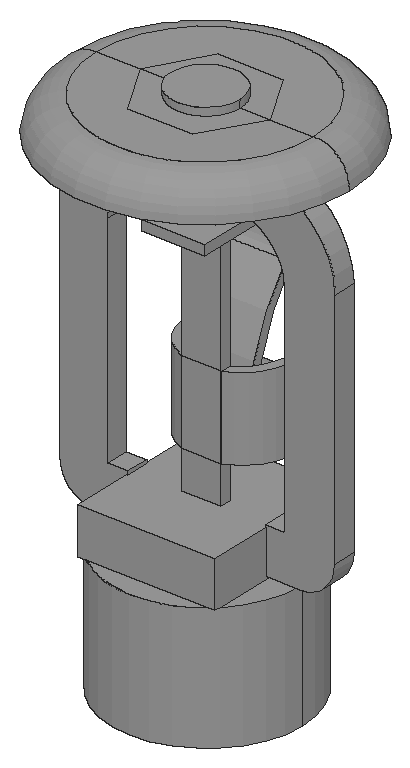
Revit family
Parameters (values of type "RASCO G UPRIGHT")
  Temperature Rating = 165 °F
  Response = (empty or 0)
  RASCO SIN # = "R1027"
  RASCO Part # = "GU1LB"
  Pressure Rating = "175 PSI"
  Pressure Class = (empty or 0)
  Orifice Size = 17/32"
  Orifice = (empty or 0)
  Model = "G"
  Manufacturer = "RASCO"
  K-Factor = 8.2
  Description = "Bronze Finish"
  Coverage = (empty or 0)
Reference planes (in)
  plane 1 "Center (Front/Back)": y = 0
  plane 2: z = 0
  plane 3 "Center (Left/Right)": x = 0
Dimensions and locks (in)
  aligned and locked: plane 2 to level
Nested families (in)
  nested 1: "GU1LB" at (0, 0, 0), type "RASCO G UPRIGHT"
Connectors (in)
  piping at (0, 0, 0)
    settings: on nested 1, index 1, connector radius 1/2", flow factor 0, pipe flow 0 GPM, pressure drop 0.00 psi, fitting loss kfactor 0, connector angle 0.00°, fixture units 0, flow configuration 0, flow direction 0, fitting loss method 0, system type 7, connector reference index -1, connector utility 0, adjustable connector no, is connector primary yes, fitting loss table "", connector description ""
Definition of nested family "GU1LB"
  Parameters (values of type "RASCO G UPRIGHT")
    Type Comments = ""
    Temperature Rating = 0 °F
    Response = (empty or 0)
    Pressure Rating = "0"
    Pressure Class = (empty or 0)
    Orifice Size = 0"
    Orifice = (empty or 0)
    Model = ""
    Manufacturer = ""
    K-Factor = 0
    Description = ""
    Coverage = (empty or 0)
    Assembly Code = ""
  Reference planes (in)
    plane 1 "Center (Front/Back)": y = 0
    plane 2: z = 0
    plane 3 "ref.2": z = 0.6875
    plane 4 "ref.3": z = 0.9375
    plane 5: x = -0.38065
    plane 6: x = 0.36935
    plane 7 "ref. side 1": y = 0.06402
    plane 8 "ref. side 2": y = -0.06098
    plane 9 "ref.4": z = 1.875
    plane 10 "ref.5": z = 2.937
    plane 11 "center": x = -0.00574
  Forms (in)
    Extrusion 1, solid, material "Default"
      sketch origin (0, 0, 0) x (1, 0, 0) y (0, 1, 0)
        loop
          circle (0, 0) r 0.5245
      from 0 to 0.6875
    Extrusion 2, solid, material "Default"
      sketch origin (-0.12185, 0.05177, 0.6875) x (1, 0, 0) y (0, 1, 0)
        loop
          line (-0.2588, 0.356) -> (-0.2588, -0.4565) -> (0.4912, -0.4565) -> (0.4912, 0.356) -> (-0.2588, 0.356)
      from 0 to 0.25
    Extrusion 3, solid, material "Default"
      sketch origin (-0.00034, 0, 0.01527) x (1, 0, 0) y (0, 0, 1)
        loop
          line (-0.49248, 0.9375) -> (-0.49248, 2.1327)
          arc (-0.49248, 2.1327) -> (-0.40724, 2.33849) -> (-0.20145, 2.42373) r 0.29103
          line (-0.20145, 2.42373) -> (0.18108, 2.42373)
          arc (0.18108, 2.42373) -> (0.38905, 2.33759) -> (0.47519, 2.12963) r 0.29411
          line (0.47519, 2.12963) -> (0.47519, 0.9375) -> (0.36935, 0.9375) -> (0.36935, 0.6875) -> (0.55741, 0.6875)
          arc (0.55741, 0.6875) -> (0.69165, 0.7431) -> (0.74725, 0.87734) r 0.18984
          line (0.74725, 0.87734) -> (0.74725, 2.19113)
          arc (0.74725, 2.19113) -> (0.61669, 2.50631) -> (0.3015, 2.63687) r 0.44574
          line (0.3015, 2.63687) -> (-0.30719, 2.63687)
          arc (-0.30719, 2.63687) -> (-0.62225, 2.50637) -> (-0.75275, 2.19131) r 0.44556
          line (-0.75275, 2.19131) -> (-0.75275, 0.87876)
          arc (-0.75275, 0.87876) -> (-0.69673, 0.74352) -> (-0.56149, 0.6875) r 0.19126
          line (-0.56149, 0.6875) -> (-0.38065, 0.6875) -> (-0.38065, 0.9375) -> (-0.49248, 0.9375)
      from -0.06402 to 0.06098
    Extrusion 4, solid, material "Default"
      sketch origin (-0.00199, 0, 2.4995) x (-1, 0, 0) y (0, -1, 0)
        loop
          circle (0.00574, -0.00152) r 0.1875
      from -0.10571 to 0.4375
    Revolve 5, solid, material "Default"
      sketch origin (-0.00271, 0, 0.37011) x (1, 0, 0) y (0, 0, 1)
        loop
          line (-0.19255, 2.33367) -> (-0.19255, 2.52696) -> (-0.35809, 2.52696) -> (-0.59714, 2.52696)
          arc (-0.59714, 2.52696) -> (-0.73508, 2.47056) -> (-0.79397, 2.33367) r 0.19686
          line (-0.79397, 2.33367) -> (-0.19255, 2.33367)
        axis (-0.00574, 2.33367) -> (-0.00574, 2.52696)
      angle from 0 to 360
    Extrusion 6, solid, material "Default"
      sketch origin (0, 0, 0.9375) x (-1, 0, 0) y (0, -1, 0)
        loop
          line (-0.10175, -0.02852) -> (0.11324, -0.02852) -> (0.11324, 0.03101) -> (-0.10175, 0.03101) -> (-0.10175, -0.02852)
      from 0 to 1.45629
    Extrusion 7, solid, material "Default"
      sketch origin (-0.00574, -0.0095, -0.07537) x (0, 0, -1) y (0, -1, 0)
        loop
          line (-2.39379, 0.21198) -> (-2.39379, -0.229)
          arc (-2.39379, -0.229) -> (-2.26956, -0.41579) -> (-2.04926, -0.37342) r 0.20254
          arc (-2.04926, -0.37342) -> (-1.6599, -0.16721) -> (-1.22163, -0.12207) r 1.15319
          line (-1.22163, -0.12207) -> (-1.22163, -0.07087)
          arc (-1.22163, -0.07087) -> (-1.6782, -0.11947) -> (-2.0834, -0.33544) r 1.20419
          arc (-2.0834, -0.33544) -> (-2.24878, -0.36919) -> (-2.34279, -0.229) r 0.15154
          line (-2.34279, -0.229) -> (-2.34279, 0.21198) -> (-2.39379, 0.21198)
      from -0.17255 to 0.17398
    Extrusion 8, solid, material "Default"
      sketch origin (0, 0, 0) x (1, 0, 0) y (0, 1, 0)
        loop
          arc (0.23993, 0.23051) -> (0.19768, 0.11115) -> (0.10175, 0.02852) r 0.24647
          line (0.10175, 0.02852) -> (-0.11324, 0.02852)
          arc (-0.11324, 0.02852) -> (-0.21767, 0.12447) -> (-0.25194, 0.2621) r 0.24647
          line (-0.25194, 0.2621) -> (-0.25194, 0.40777) -> (-0.30719, 0.40777) -> (-0.30719, 0.25942)
          arc (-0.30719, 0.25942) -> (-0.25653, 0.08328) -> (-0.11324, -0.03101) r 0.30157
          line (-0.11324, -0.03101) -> (0.10175, -0.03101)
          arc (0.10175, -0.03101) -> (0.24461, 0.08262) -> (0.29574, 0.25785) r 0.30157
          line (0.29574, 0.25785) -> (0.29574, 0.40777) -> (0.23993, 0.40777) -> (0.23993, 0.23051)
      from 1.14626 to 1.59756
    Extrusion 9, solid, material "Default"
      sketch origin (-0.00574, -0.0095, -0.07537) x (0, 0, -1) y (0, -1, 0)
        loop
          circle (-1.44728, -0.26892) r 0.13147
      from -0.24568 to 0.24619
  Cuts and joins
    joined: Extrusion 1, Extrusion 2, Revolve 5
  Dimensions and locks (in)
    Revolve 5 sketch curve to Revolve 5 sketch curve = 0.78823"
    plane 10 "ref.5" to level = 2.937"
